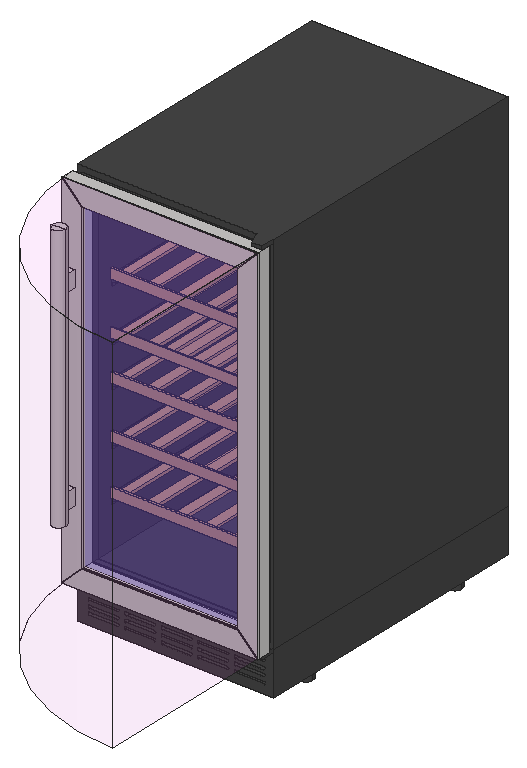
Revit family "QF_Summit_ALWC15_Built_In_Commercial_Wine_Cellar", category Specialty Equipment, Revit 2020
Family settings
  Round Connector Dimension = Use Diameter
  Part Type = Normal
  Work Plane-Based = No
  Always vertical = Yes
  Cut with Voids When Loaded = No
  Shared = No
  Room Calculation Point = No
Parameters
  Weight in Pounds = 65
  Watts = Volts * FL Amps  # 115 W
  Volts = 115 V
  URL Cutsheet = ""
  Specification by User = ""
  Specification by Manufacturer = ""
  Show Clearance [instance] = yes
  Serial Number = ""
  Seismic Rating = ""
  SMACNA No = ""
  Revision Code = ""
  Refrigerant Volume = 0.00 kip
  Refrigerant Type = "R600a"
  Phase = 1
  Number of Poles = 1
  NAFEM Spec ID Number = ""
  Model = "ALWC15"
  Min Ckt Ampacity = 0 A
  Max Overcurrent Protection = 0 A
  Masterspec = ""
  Manufacturer = "Summit"
  Length = 14 3/4"
  Item Number = ""
  Installed By = ""
  Identify Quantity as Lot = yes
  Height = 31 1/2"
  HP = ""
  Furnished By = ""
  Foodservice Equipment Identifier = yes
  FL Amps = 1 A
  Electrical Remarks = ""
  Electric Connection Type = ""
  Elec Conn RI Height = 0"
  Elec Conn Connection Height = 0"
  Description = "Built In Commercial Wine Cellar"
  Depth = 23 1/2"
  Default Elevation = 0"
  Cycle = 60 Hz
  Conn Plug = ""
  Conn Conduit = yes
  CSI MasterFormat = ""
  BTUH = 0.0 Btu/h
  Apparent Power = if(Phase = 3, Volts * FL Amps * 1.73, Volts * FL Amps)  # 115 VA
Reference planes (in)
  plane 1 "BACK": y = 0
  plane 2: z = 0
  plane 3 "LEFT": x = 0
  plane 4 "RIGHT": x = 14.75
  plane 5 "FRONT": y = -23.5
  plane 6 "TOP": z = 31.5
  plane 7 "Center Y": x = 7.375
  plane 8 "Center X": y = -11.75
  plane 9: y = -25.25
Dimensions and locks (in)
  equal spacing: plane 3 "LEFT", plane 7 "Center Y", plane 4 "RIGHT"
  "Length": plane 3 "LEFT" to plane 4 "RIGHT"
  equal spacing: plane 5 "FRONT", plane 8 "Center X", plane 1 "BACK"
  "Depth": plane 5 "FRONT" to plane 1 "BACK"
  "Height": plane 6 "TOP" to level
  aligned and locked: level to plane 2
Nested families (in)
  nested 1: "ALBV15" at (0, 0, 0), Show Clearance <- "Show Clearance", type "ALBV15"
    with Show Clearance yes
Connectors (in)
  electrical at (11.75, 0.03125, 1.70546), driven by "Volts"
    settings: on nested 1, index 1, voltage 115 V, apparent load 0 VA, apparent load phase1 0 VA, apparent load phase2 0 VA, apparent load phase3 0 VA, power factor 1, load classification "Other", number of poles 1, system type 30, power factor state 1, is connector primary yes, connector utility no, sub classification motor no, connector description ""
Definition of nested family "ALBV15"
  Parameters (values of type "ALBV15")
    Weight in Pounds = 0
    URL Cutsheet = ""
    Specification by User = ""
    Specification by Manufacturer = ""
    Show Clearance [instance] = yes
    Serial Number = ""
    Seismic Rating = ""
    SMACNA No = ""
    Revision Code = ""
    NAFEM Spec ID Number = ""
    Masterspec = ""
    Length = 14 3/4"
    Item Number = ""
    Installed By = ""
    Identify Quantity as Lot = yes
    Height = 31 1/2"
    Furnished By = ""
    Foodservice Equipment Identifier = yes
    Depth = 23 1/2"
    Default Elevation = 0"
    CSI MasterFormat = ""
  Reference planes (in)
    plane 1 "BACK": y = 0
    plane 2: z = 0
    plane 3 "LEFT": x = 0
    plane 4 "RIGHT": x = 14.75
    plane 5 "FRONT": y = -23.5
    plane 6 "TOP": z = 31.5
    plane 7 "Center Y": x = 7.375
    plane 8 "Center X": y = -11.75
    plane 9: y = -37.13
    plane 10: z = 0.625
  Forms (in)
    Extrusion 1, solid
      sketch origin (0, -180, 0.625) x (-1, 0, 0) y (0, -1, 0)
        loop
          line (0, -180) -> (0, -158) -> (-14.75, -158) -> (-14.75, -180) -> (0, -180)
      from 0 to 3.25
    Extrusion 2, solid
      sketch origin (0, -180, 3.875) x (-1, 0, 0) y (0, -1, 0)
        loop
          line (0, -180) -> (0, -158) -> (-14.75, -158) -> (-14.75, -180) -> (0, -180)
      from 0 to 27.625
    Extrusion 3, solid
      sketch origin (-2.3403, -180, 4.20581) x (-1, 0, 0) y (0, -1, 0)
        loop
          line (-2.66576, -158) -> (-2.66576, -157.5) -> (-16.76608, -157.5) -> (-16.76608, -158) -> (-2.66576, -158)
      from 0 to 26.83838
    Extrusion 4, solid
      sketch origin (0, -180, 3.875) x (0, -1, 0) y (-1, 0, 0)
        loop
          line (-157.5, 0) -> (-157.5, -14.75) -> (-156.57682, -14.75) -> (-156.57682, 0) -> (-157.5, 0)
      from 0 to -27.375
    Extrusion 5, solid
      sketch origin (14.75, -23.42318, 3.875) x (-1, 0, 0) y (0, 0, -1)
        loop
          line (14.75, -27.375) -> (14.75, 0) -> (13.25, -1.5) -> (13.25, -25.875) -> (14.75, -27.375)
      from 0 to 0.07682
    Extrusion 6, solid
      sketch origin (14.75, -23.42318, 3.875) x (-1, 0, 0) y (0, 0, -1)
        loop
          line (13.25, -25.875) -> (1.5, -25.875) -> (0, -27.375) -> (14.75, -27.375) -> (13.25, -25.875)
      from 0 to 0.07682
    Extrusion 7, solid
      sketch origin (14.75, -23.42318, 3.875) x (-1, 0, 0) y (0, 0, -1)
        loop
          line (1.5, -25.875) -> (1.5, -1.5) -> (0, 0) -> (0, -27.375) -> (1.5, -25.875)
      from 0 to 0.07682
    Extrusion 8, solid
      sketch origin (14.75, -23.42318, 3.875) x (-1, 0, 0) y (0, 0, -1)
        loop
          line (13.25, -1.5) -> (14.75, 0) -> (0, 0) -> (1.5, -1.5) -> (13.25, -1.5)
      from 0 to 0.07682
    Extrusion 9, void
      sketch origin (0, -22.5, 3.875) x (-1, 0, 0) y (0, 0, -1)
        loop
          line (-1.5, -25.875) -> (-1.5, -1.5) -> (-13.25, -1.5) -> (-13.25, -25.875) -> (-1.5, -25.875)
      from 0 to 1
    Extrusion 10, void
      sketch origin (1.5, -23.42318, 5.375) x (0, 1, 0) y (1, 0, 0)
        loop
          line (0.92318, 0) -> (18.67318, 0)
          arc (18.67318, 0) -> (19.02674, 0.14645) -> (19.17318, 0.5) r 0.5
          line (19.17318, 0.5) -> (19.17318, 11.25)
          arc (19.17318, 11.25) -> (19.02674, 11.60355) -> (18.67318, 11.75) r 0.5
          line (18.67318, 11.75) -> (0.92318, 11.75) -> (0.92318, 0)
      from 0 to -24.75
    Extrusion 11, solid
      sketch origin (0, -21.76171, 33.85708) x (0, 0, 1) y (1, 0, 0)
        loop
          line (-3.73208, 1.5) -> (-3.73208, 13.25) -> (-5.04286, 13.25) -> (-5.04286, 1.5) -> (-3.73208, 1.5)
      from 0 to 0.5
    Extrusion 12, solid
      sketch origin (0, -20.80809, 37.71396) x (0, 0, 1) y (1, 0, 0)
        loop
          line (-13.64975, 1.5) -> (-13.64975, 1.625) -> (-13.89975, 1.625) -> (-13.89975, 1.875) -> (-14.14975, 1.875) -> (-14.14975, 1.625) -> (-14.39975, 1.625) -> (-14.39975, 1.5) -> (-13.64975, 1.5)
        loop
          line (-17.64975, 1.5) -> (-17.64975, 1.625) -> (-17.89975, 1.625) -> (-17.89975, 1.875) -> (-18.14975, 1.875) -> (-18.14975, 1.625) -> (-18.39975, 1.625) -> (-18.39975, 1.5) -> (-17.64975, 1.5)
        loop
          line (-20.64975, 1.5) -> (-20.64975, 1.625) -> (-20.89975, 1.625) -> (-20.89975, 1.875) -> (-21.14975, 1.875) -> (-21.14975, 1.625) -> (-21.39975, 1.625) -> (-21.39975, 1.5) -> (-20.64975, 1.5)
        loop
          line (-24.64975, 1.5) -> (-24.64975, 1.625) -> (-24.89975, 1.625) -> (-24.89975, 1.875) -> (-25.14975, 1.875) -> (-25.14975, 1.625) -> (-25.39975, 1.625) -> (-25.39975, 1.5) -> (-24.64975, 1.5)
        loop
          line (-28.39975, 1.5) -> (-28.39975, 1.625) -> (-28.64975, 1.625) -> (-28.64975, 1.875) -> (-28.89975, 1.875) -> (-28.89975, 1.625) -> (-29.14975, 1.625) -> (-29.14975, 1.5) -> (-28.39975, 1.5)
        loop
          line (-13.64975, 13.25) -> (-14.39975, 13.25) -> (-14.39975, 13.125) -> (-14.14975, 13.125) -> (-14.14975, 12.875) -> (-13.89975, 12.875) -> (-13.89975, 13.125) -> (-13.64975, 13.125) -> (-13.64975, 13.25)
        loop
          line (-17.64975, 13.25) -> (-18.39975, 13.25) -> (-18.39975, 13.125) -> (-18.14975, 13.125) -> (-18.14975, 12.875) -> (-17.89975, 12.875) -> (-17.89975, 13.125) -> (-17.64975, 13.125) -> (-17.64975, 13.25)
        loop
          line (-20.64975, 13.25) -> (-21.39975, 13.25) -> (-21.39975, 13.125) -> (-21.14975, 13.125) -> (-21.14975, 12.875) -> (-20.89975, 12.875) -> (-20.89975, 13.125) -> (-20.64975, 13.125) -> (-20.64975, 13.25)
        loop
          line (-24.64975, 13.25) -> (-25.39975, 13.25) -> (-25.39975, 13.125) -> (-25.14975, 13.125) -> (-25.14975, 12.875) -> (-24.89975, 12.875) -> (-24.89975, 13.125) -> (-24.64975, 13.125) -> (-24.64975, 13.25)
        loop
          line (-28.39975, 13.25) -> (-29.14975, 13.25) -> (-29.14975, 13.125) -> (-28.89975, 13.125) -> (-28.89975, 12.875) -> (-28.64975, 12.875) -> (-28.64975, 13.125) -> (-28.39975, 13.125) -> (-28.39975, 13.25)
      from 0 to 15.33182
    Extrusion 13, solid
      sketch origin (13.25, -22.5, 5.375) x (-1, 0, 0) y (0, -1, 0)
        loop
          line (11.75, 0.21159) -> (11.75, 0.71159) -> (0, 0.71159) -> (0, 0.21159) -> (11.75, 0.21159)
      from 0 to 24.375
    Extrusion 14, solid
      sketch origin (0, 0, 0.625) x (1, 0, 0) y (0, 0, -1)
        loop
          circle (11.75, -1.08046) r 0.25
      from 0 to 0.03125
    Extrusion 15, solid
      sketch origin (14.75, -23.5, 3.875) x (-1, 0, 0) y (0, 0, -1)
        loop
          line (14.20473, -21.47786) -> (14.20473, -20.22786) -> (13.79527, -20.22786) -> (13.79527, -21.47786) -> (14.20473, -21.47786)
        loop
          line (14.20473, -5.52214) -> (13.79527, -5.52214) -> (13.79527, -6.77214) -> (14.20473, -6.77214) -> (14.20473, -5.52214)
      from 0 to 1.25427
    Revolve 16, solid
      sketch origin (0.54527, -24.75, 48) x (-1, 0, 0) y (0, 0, 1)
        loop
          line (-0.20473, -39.31621) -> (-0.20473, -19.31621) -> (-0.70473, -19.31621) -> (-0.70473, -39.31621) -> (-0.20473, -39.31621)
        axis (-0.20473, -19.31621) -> (-0.20473, -39.31621)
      angle from 0 to 360
    Extrusion 17, solid
      sketch origin (-38.39759, -180, 31.5) x (-1, 0, 0) y (0, -1, 0)
        loop
          line (-53.02602, -158.2341) -> (-51.71949, -158.2341) -> (-52.27602, -156.9841) -> (-53.02602, -156.9841) -> (-53.02602, -158.2341)
      from 0 to -0.25
    Extrusion 18, solid
      sketch origin (-10.61919, -180, 3.875) x (0, 1, 0) y (1, 0, 0)
        loop
          line (158.2341, 25.24762) -> (156.9841, 25.24762) -> (156.9841, 24.49762) -> (158.2341, 23.94108) -> (158.2341, 25.24762)
      from 0 to 0.25
    Revolve 19, solid
      sketch origin (0, -18, 0) x (1, 0, 0) y (0, 0, 1)
        loop
          line (0.75, 0.625) -> (0.75, 0) -> (1.25, 0) -> (1.25, 0.5) -> (1, 0.5) -> (1, 0.625) -> (0.75, 0.625)
        axis (0.75, 0.625) -> (0.75, 0)
      angle from 0 to 360
    Revolve 20, solid
      sketch origin (14.75, -18, 0) x (-1, 0, 0) y (0, 0, 1)
        loop
          line (0.75, 0.625) -> (0.75, 0) -> (1.25, 0) -> (1.25, 0.5) -> (1, 0.5) -> (1, 0.625) -> (0.75, 0.625)
        axis (0.75, 0.625) -> (0.75, 0)
      angle from 0 to 360
    Revolve 21, solid
      sketch origin (0, -4, 0) x (1, 0, 0) y (0, 0, 1)
        loop
          line (0.75, 0.625) -> (0.75, 0) -> (1.25, 0) -> (1.25, 0.5) -> (1, 0.5) -> (1, 0.625) -> (0.75, 0.625)
        axis (0.75, 0.625) -> (0.75, 0)
      angle from 0 to 360
    Revolve 22, solid
      sketch origin (14.75, -4, 0) x (-1, 0, 0) y (0, 0, 1)
        loop
          line (0.75, 0.625) -> (0.75, 0) -> (1.25, 0) -> (1.25, 0.5) -> (1, 0.5) -> (1, 0.625) -> (0.75, 0.625)
        axis (0.75, 0.625) -> (0.75, 0)
      angle from 0 to 360
    Extrusion 23, solid, visible <- "Show Clearance"
      sketch origin (0, -180, 3.875) x (1, 0, 0) y (0, -1, 0)
        loop
          line (14.75, -157.5) -> (14.75, -142.87)
          arc (14.75, -142.87) -> (4.36237, -147.14766) -> (0, -157.5) r 14.75
          line (0, -157.5) -> (14.75, -157.5)
      from 0 to -27.375
    Extrusion 24, void
      sketch origin (14.75, -22, 0.625) x (1, 0, 0) y (0, 0, -1)
        loop
          line (-13.84453, -2.92099) -> (-11.73224, -2.92099)
          arc (-11.73224, -2.92099) -> (-11.60724, -2.79599) -> (-11.73224, -2.67099) r 0.125
          line (-11.73224, -2.67099) -> (-13.84453, -2.67099)
          arc (-13.84453, -2.67099) -> (-13.96953, -2.79599) -> (-13.84453, -2.92099) r 0.125
        loop
          line (-13.84453, -2.42099) -> (-11.73224, -2.42099)
          arc (-11.73224, -2.42099) -> (-11.60724, -2.29599) -> (-11.73224, -2.17099) r 0.125
          line (-11.73224, -2.17099) -> (-13.84453, -2.17099)
          arc (-13.84453, -2.17099) -> (-13.96953, -2.29599) -> (-13.84453, -2.42099) r 0.125
        loop
          line (-13.84453, -1.92099) -> (-11.73224, -1.92099)
          arc (-11.73224, -1.92099) -> (-11.60724, -1.79599) -> (-11.73224, -1.67099) r 0.125
          line (-11.73224, -1.67099) -> (-13.84453, -1.67099)
          arc (-13.84453, -1.67099) -> (-13.96953, -1.79599) -> (-13.84453, -1.92099) r 0.125
        loop
          line (-13.84453, -1.42099) -> (-11.73224, -1.42099)
          arc (-11.73224, -1.42099) -> (-11.60724, -1.29599) -> (-11.73224, -1.17099) r 0.125
          line (-11.73224, -1.17099) -> (-13.84453, -1.17099)
          arc (-13.84453, -1.17099) -> (-13.96953, -1.29599) -> (-13.84453, -1.42099) r 0.125
        loop
          line (-13.84453, -0.92099) -> (-11.73224, -0.92099)
          arc (-11.73224, -0.92099) -> (-11.60724, -0.79599) -> (-11.73224, -0.67099) r 0.125
          line (-11.73224, -0.67099) -> (-13.84453, -0.67099)
          arc (-13.84453, -0.67099) -> (-13.96953, -0.79599) -> (-13.84453, -0.92099) r 0.125
        loop
          line (-11.09453, -2.92099) -> (-8.98224, -2.92099)
          arc (-8.98224, -2.92099) -> (-8.85724, -2.79599) -> (-8.98224, -2.67099) r 0.125
          line (-8.98224, -2.67099) -> (-11.09453, -2.67099)
          arc (-11.09453, -2.67099) -> (-11.21953, -2.79599) -> (-11.09453, -2.92099) r 0.125
        loop
          line (-11.09453, -2.42099) -> (-8.98224, -2.42099)
          arc (-8.98224, -2.42099) -> (-8.85724, -2.29599) -> (-8.98224, -2.17099) r 0.125
          line (-8.98224, -2.17099) -> (-11.09453, -2.17099)
          arc (-11.09453, -2.17099) -> (-11.21953, -2.29599) -> (-11.09453, -2.42099) r 0.125
        loop
          line (-11.09453, -1.92099) -> (-8.98224, -1.92099)
          arc (-8.98224, -1.92099) -> (-8.85724, -1.79599) -> (-8.98224, -1.67099) r 0.125
          line (-8.98224, -1.67099) -> (-11.09453, -1.67099)
          arc (-11.09453, -1.67099) -> (-11.21953, -1.79599) -> (-11.09453, -1.92099) r 0.125
        loop
          line (-11.09453, -1.42099) -> (-8.98224, -1.42099)
          arc (-8.98224, -1.42099) -> (-8.85724, -1.29599) -> (-8.98224, -1.17099) r 0.125
          line (-8.98224, -1.17099) -> (-11.09453, -1.17099)
          arc (-11.09453, -1.17099) -> (-11.21953, -1.29599) -> (-11.09453, -1.42099) r 0.125
        loop
          line (-11.09453, -0.92099) -> (-8.98224, -0.92099)
          arc (-8.98224, -0.92099) -> (-8.85724, -0.79599) -> (-8.98224, -0.67099) r 0.125
          line (-8.98224, -0.67099) -> (-11.09453, -0.67099)
          arc (-11.09453, -0.67099) -> (-11.21953, -0.79599) -> (-11.09453, -0.92099) r 0.125
        loop
          line (-8.34453, -2.92099) -> (-6.23224, -2.92099)
          arc (-6.23224, -2.92099) -> (-6.10724, -2.79599) -> (-6.23224, -2.67099) r 0.125
          line (-6.23224, -2.67099) -> (-8.34453, -2.67099)
          arc (-8.34453, -2.67099) -> (-8.46953, -2.79599) -> (-8.34453, -2.92099) r 0.125
        loop
          line (-8.34453, -2.42099) -> (-6.23224, -2.42099)
          arc (-6.23224, -2.42099) -> (-6.10724, -2.29599) -> (-6.23224, -2.17099) r 0.125
          line (-6.23224, -2.17099) -> (-8.34453, -2.17099)
          arc (-8.34453, -2.17099) -> (-8.46953, -2.29599) -> (-8.34453, -2.42099) r 0.125
        loop
          line (-8.34453, -1.92099) -> (-6.23224, -1.92099)
          arc (-6.23224, -1.92099) -> (-6.10724, -1.79599) -> (-6.23224, -1.67099) r 0.125
          line (-6.23224, -1.67099) -> (-8.34453, -1.67099)
          arc (-8.34453, -1.67099) -> (-8.46953, -1.79599) -> (-8.34453, -1.92099) r 0.125
        loop
          line (-8.34453, -1.42099) -> (-6.23224, -1.42099)
          arc (-6.23224, -1.42099) -> (-6.10724, -1.29599) -> (-6.23224, -1.17099) r 0.125
          line (-6.23224, -1.17099) -> (-8.34453, -1.17099)
          arc (-8.34453, -1.17099) -> (-8.46953, -1.29599) -> (-8.34453, -1.42099) r 0.125
        loop
          line (-8.34453, -0.92099) -> (-6.23224, -0.92099)
          arc (-6.23224, -0.92099) -> (-6.10724, -0.79599) -> (-6.23224, -0.67099) r 0.125
          line (-6.23224, -0.67099) -> (-8.34453, -0.67099)
          arc (-8.34453, -0.67099) -> (-8.46953, -0.79599) -> (-8.34453, -0.92099) r 0.125
        loop
          line (-5.59453, -2.92099) -> (-3.48224, -2.92099)
          arc (-3.48224, -2.92099) -> (-3.35724, -2.79599) -> (-3.48224, -2.67099) r 0.125
          line (-3.48224, -2.67099) -> (-5.59453, -2.67099)
          arc (-5.59453, -2.67099) -> (-5.71953, -2.79599) -> (-5.59453, -2.92099) r 0.125
        loop
          line (-5.59453, -2.42099) -> (-3.48224, -2.42099)
          arc (-3.48224, -2.42099) -> (-3.35724, -2.29599) -> (-3.48224, -2.17099) r 0.125
          line (-3.48224, -2.17099) -> (-5.59453, -2.17099)
          arc (-5.59453, -2.17099) -> (-5.71953, -2.29599) -> (-5.59453, -2.42099) r 0.125
        loop
          line (-5.59453, -1.92099) -> (-3.48224, -1.92099)
          arc (-3.48224, -1.92099) -> (-3.35724, -1.79599) -> (-3.48224, -1.67099) r 0.125
          line (-3.48224, -1.67099) -> (-5.59453, -1.67099)
          arc (-5.59453, -1.67099) -> (-5.71953, -1.79599) -> (-5.59453, -1.92099) r 0.125
        loop
          line (-5.59453, -1.42099) -> (-3.48224, -1.42099)
          arc (-3.48224, -1.42099) -> (-3.35724, -1.29599) -> (-3.48224, -1.17099) r 0.125
          line (-3.48224, -1.17099) -> (-5.59453, -1.17099)
          arc (-5.59453, -1.17099) -> (-5.71953, -1.29599) -> (-5.59453, -1.42099) r 0.125
        loop
          line (-5.59453, -0.92099) -> (-3.48224, -0.92099)
          arc (-3.48224, -0.92099) -> (-3.35724, -0.79599) -> (-3.48224, -0.67099) r 0.125
          line (-3.48224, -0.67099) -> (-5.59453, -0.67099)
          arc (-5.59453, -0.67099) -> (-5.71953, -0.79599) -> (-5.59453, -0.92099) r 0.125
        loop
          line (-2.84453, -2.92099) -> (-0.73224, -2.92099)
          arc (-0.73224, -2.92099) -> (-0.60724, -2.79599) -> (-0.73224, -2.67099) r 0.125
          line (-0.73224, -2.67099) -> (-2.84453, -2.67099)
          arc (-2.84453, -2.67099) -> (-2.96953, -2.79599) -> (-2.84453, -2.92099) r 0.125
        loop
          line (-2.84453, -2.42099) -> (-0.73224, -2.42099)
          arc (-0.73224, -2.42099) -> (-0.60724, -2.29599) -> (-0.73224, -2.17099) r 0.125
          line (-0.73224, -2.17099) -> (-2.84453, -2.17099)
          arc (-2.84453, -2.17099) -> (-2.96953, -2.29599) -> (-2.84453, -2.42099) r 0.125
        loop
          line (-2.84453, -1.92099) -> (-0.73224, -1.92099)
          arc (-0.73224, -1.92099) -> (-0.60724, -1.79599) -> (-0.73224, -1.67099) r 0.125
          line (-0.73224, -1.67099) -> (-2.84453, -1.67099)
          arc (-2.84453, -1.67099) -> (-2.96953, -1.79599) -> (-2.84453, -1.92099) r 0.125
        loop
          line (-2.84453, -1.42099) -> (-0.73224, -1.42099)
          arc (-0.73224, -1.42099) -> (-0.60724, -1.29599) -> (-0.73224, -1.17099) r 0.125
          line (-0.73224, -1.17099) -> (-2.84453, -1.17099)
          arc (-2.84453, -1.17099) -> (-2.96953, -1.29599) -> (-2.84453, -1.42099) r 0.125
        loop
          line (-2.84453, -0.92099) -> (-0.73224, -0.92099)
          arc (-0.73224, -0.92099) -> (-0.60724, -0.79599) -> (-0.73224, -0.67099) r 0.125
          line (-0.73224, -0.67099) -> (-2.84453, -0.67099)
          arc (-2.84453, -0.67099) -> (-2.96953, -0.79599) -> (-2.84453, -0.92099) r 0.125
      from 0 to 0.59169
    Extrusion 25, solid
      sketch origin (0, -21.76171, 33.85708) x (0, 0, -1) y (1, 0, 0)
        loop
          line (4.29689, 7) -> (4.79689, 7) -> (4.79689, 7.75) -> (4.29689, 7.75) -> (4.29689, 7)
      from 0 to 0.03125
    Extrusion 26, solid
      sketch origin (0, -20.80809, 37.71396) x (0, 0, -1) y (1, 0, 0)
        loop
          line (13.89975, 1.625) -> (13.89975, 13.125) -> (13.14975, 13.125) -> (13.14975, 1.625) -> (13.89975, 1.625)
        loop
          line (17.89975, 1.625) -> (17.89975, 13.125) -> (17.14975, 13.125) -> (17.14975, 1.625) -> (17.89975, 1.625)
        loop
          line (20.89975, 1.625) -> (20.89975, 13.125) -> (20.14975, 13.125) -> (20.14975, 1.625) -> (20.89975, 1.625)
        loop
          line (24.89975, 1.625) -> (24.89975, 13.125) -> (24.14975, 13.125) -> (24.14975, 1.625) -> (24.89975, 1.625)
        loop
          line (28.64975, 1.625) -> (28.64975, 13.125) -> (27.89975, 13.125) -> (27.89975, 1.625) -> (28.64975, 1.625)
      from 0 to 0.125
    Extrusion 27, solid
      sketch origin (-11, -20.80809, 37.71396) x (0, 0, 1) y (1, 0, 0)
        loop
          line (-13.89975, 12.625) -> (-13.70206, 12.625) -> (-13.70206, 13.375) -> (-13.89975, 13.375) -> (-13.89975, 12.625)
      from 0 to 15.33182
    Extrusion 28, solid
      sketch origin (-0.25, -20.80809, 37.71396) x (0, 0, 1) y (1, 0, 0)
        loop
          line (-13.89975, 12.625) -> (-13.70206, 12.625) -> (-13.70206, 13.375) -> (-13.89975, 13.375) -> (-13.89975, 12.625)
      from 0 to 15.33182
    Extrusion 29, solid
      sketch origin (-8.85, -20.80809, 37.71396) x (0, 0, 1) y (1, 0, 0)
        loop
          line (-13.89975, 12.625) -> (-13.70206, 12.625) -> (-13.70206, 13.375) -> (-13.89975, 13.375) -> (-13.89975, 12.625)
      from 0 to 15.33182
    Extrusion 30, solid
      sketch origin (-6.7, -20.80809, 37.71396) x (0, 0, 1) y (1, 0, 0)
        loop
          line (-13.89975, 12.625) -> (-13.70206, 12.625) -> (-13.70206, 13.375) -> (-13.89975, 13.375) -> (-13.89975, 12.625)
      from 0 to 15.33182
    Extrusion 31, solid
      sketch origin (-4.55, -20.80809, 37.71396) x (0, 0, 1) y (1, 0, 0)
        loop
          line (-13.89975, 12.625) -> (-13.70206, 12.625) -> (-13.70206, 13.375) -> (-13.89975, 13.375) -> (-13.89975, 12.625)
      from 0 to 15.33182
    Extrusion 32, solid
      sketch origin (-2.4, -20.80809, 37.71396) x (0, 0, 1) y (1, 0, 0)
        loop
          line (-13.89975, 12.625) -> (-13.70206, 12.625) -> (-13.70206, 13.375) -> (-13.89975, 13.375) -> (-13.89975, 12.625)
      from 0 to 15.33182
    Extrusion 33, solid
      sketch origin (-11, -20.80809, 33.71396) x (0, 0, 1) y (1, 0, 0)
        loop
          line (-13.89975, 12.625) -> (-13.70206, 12.625) -> (-13.70206, 13.375) -> (-13.89975, 13.375) -> (-13.89975, 12.625)
      from 0 to 15.33182
    Extrusion 34, solid
      sketch origin (-11, -20.80809, 30.71396) x (0, 0, 1) y (1, 0, 0)
        loop
          line (-13.89975, 12.625) -> (-13.70206, 12.625) -> (-13.70206, 13.375) -> (-13.89975, 13.375) -> (-13.89975, 12.625)
      from 0 to 15.33182
    Extrusion 35, solid
      sketch origin (-11, -20.80809, 26.71396) x (0, 0, 1) y (1, 0, 0)
        loop
          line (-13.89975, 12.625) -> (-13.70206, 12.625) -> (-13.70206, 13.375) -> (-13.89975, 13.375) -> (-13.89975, 12.625)
      from 0 to 15.33182
    Extrusion 36, solid
      sketch origin (-11, -20.80809, 22.96396) x (0, 0, 1) y (1, 0, 0)
        loop
          line (-13.89975, 12.625) -> (-13.70206, 12.625) -> (-13.70206, 13.375) -> (-13.89975, 13.375) -> (-13.89975, 12.625)
      from 0 to 15.33182
    Extrusion 37, solid
      sketch origin (-0.25, -20.80809, 33.71396) x (0, 0, 1) y (1, 0, 0)
        loop
          line (-13.89975, 12.625) -> (-13.70206, 12.625) -> (-13.70206, 13.375) -> (-13.89975, 13.375) -> (-13.89975, 12.625)
      from 0 to 15.33182
    Extrusion 38, solid
      sketch origin (-0.25, -20.80809, 30.71396) x (0, 0, 1) y (1, 0, 0)
        loop
          line (-13.89975, 12.625) -> (-13.70206, 12.625) -> (-13.70206, 13.375) -> (-13.89975, 13.375) -> (-13.89975, 12.625)
      from 0 to 15.33182
    Extrusion 39, solid
      sketch origin (-0.25, -20.80809, 26.71396) x (0, 0, 1) y (1, 0, 0)
        loop
          line (-13.89975, 12.625) -> (-13.70206, 12.625) -> (-13.70206, 13.375) -> (-13.89975, 13.375) -> (-13.89975, 12.625)
      from 0 to 15.33182
    Extrusion 40, solid
      sketch origin (-0.25, -20.80809, 22.96396) x (0, 0, 1) y (1, 0, 0)
        loop
          line (-13.89975, 12.625) -> (-13.70206, 12.625) -> (-13.70206, 13.375) -> (-13.89975, 13.375) -> (-13.89975, 12.625)
      from 0 to 15.33182
    Extrusion 41, solid
      sketch origin (-8.85, -20.80809, 33.71396) x (0, 0, 1) y (1, 0, 0)
        loop
          line (-13.89975, 12.625) -> (-13.70206, 12.625) -> (-13.70206, 13.375) -> (-13.89975, 13.375) -> (-13.89975, 12.625)
      from 0 to 15.33182
    Extrusion 42, solid
      sketch origin (-8.85, -20.80809, 30.71396) x (0, 0, 1) y (1, 0, 0)
        loop
          line (-13.89975, 12.625) -> (-13.70206, 12.625) -> (-13.70206, 13.375) -> (-13.89975, 13.375) -> (-13.89975, 12.625)
      from 0 to 15.33182
    Extrusion 43, solid
      sketch origin (-8.85, -20.80809, 26.71396) x (0, 0, 1) y (1, 0, 0)
        loop
          line (-13.89975, 12.625) -> (-13.70206, 12.625) -> (-13.70206, 13.375) -> (-13.89975, 13.375) -> (-13.89975, 12.625)
      from 0 to 15.33182
    Extrusion 44, solid
      sketch origin (-8.85, -20.80809, 22.96396) x (0, 0, 1) y (1, 0, 0)
        loop
          line (-13.89975, 12.625) -> (-13.70206, 12.625) -> (-13.70206, 13.375) -> (-13.89975, 13.375) -> (-13.89975, 12.625)
      from 0 to 15.33182
    Extrusion 45, solid
      sketch origin (-6.7, -20.80809, 33.71396) x (0, 0, 1) y (1, 0, 0)
        loop
          line (-13.89975, 12.625) -> (-13.70206, 12.625) -> (-13.70206, 13.375) -> (-13.89975, 13.375) -> (-13.89975, 12.625)
      from 0 to 15.33182
    Extrusion 46, solid
      sketch origin (-6.7, -20.80809, 30.71396) x (0, 0, 1) y (1, 0, 0)
        loop
          line (-13.89975, 12.625) -> (-13.70206, 12.625) -> (-13.70206, 13.375) -> (-13.89975, 13.375) -> (-13.89975, 12.625)
      from 0 to 15.33182
    Extrusion 47, solid
      sketch origin (-6.7, -20.80809, 26.71396) x (0, 0, 1) y (1, 0, 0)
        loop
          line (-13.89975, 12.625) -> (-13.70206, 12.625) -> (-13.70206, 13.375) -> (-13.89975, 13.375) -> (-13.89975, 12.625)
      from 0 to 15.33182
    Extrusion 48, solid
      sketch origin (-6.7, -20.80809, 22.96396) x (0, 0, 1) y (1, 0, 0)
        loop
          line (-13.89975, 12.625) -> (-13.70206, 12.625) -> (-13.70206, 13.375) -> (-13.89975, 13.375) -> (-13.89975, 12.625)
      from 0 to 15.33182
    Extrusion 49, solid
      sketch origin (-4.55, -20.80809, 33.71396) x (0, 0, 1) y (1, 0, 0)
        loop
          line (-13.89975, 12.625) -> (-13.70206, 12.625) -> (-13.70206, 13.375) -> (-13.89975, 13.375) -> (-13.89975, 12.625)
      from 0 to 15.33182
    Extrusion 50, solid
      sketch origin (-4.55, -20.80809, 30.71396) x (0, 0, 1) y (1, 0, 0)
        loop
          line (-13.89975, 12.625) -> (-13.70206, 12.625) -> (-13.70206, 13.375) -> (-13.89975, 13.375) -> (-13.89975, 12.625)
      from 0 to 15.33182
    Extrusion 51, solid
      sketch origin (-4.55, -20.80809, 26.71396) x (0, 0, 1) y (1, 0, 0)
        loop
          line (-13.89975, 12.625) -> (-13.70206, 12.625) -> (-13.70206, 13.375) -> (-13.89975, 13.375) -> (-13.89975, 12.625)
      from 0 to 15.33182
    Extrusion 52, solid
      sketch origin (-4.55, -20.80809, 22.96396) x (0, 0, 1) y (1, 0, 0)
        loop
          line (-13.89975, 12.625) -> (-13.70206, 12.625) -> (-13.70206, 13.375) -> (-13.89975, 13.375) -> (-13.89975, 12.625)
      from 0 to 15.33182
    Extrusion 53, solid
      sketch origin (-2.4, -20.80809, 33.71396) x (0, 0, 1) y (1, 0, 0)
        loop
          line (-13.89975, 12.625) -> (-13.70206, 12.625) -> (-13.70206, 13.375) -> (-13.89975, 13.375) -> (-13.89975, 12.625)
      from 0 to 15.33182
    Extrusion 54, solid
      sketch origin (-2.4, -20.80809, 30.71396) x (0, 0, 1) y (1, 0, 0)
        loop
          line (-13.89975, 12.625) -> (-13.70206, 12.625) -> (-13.70206, 13.375) -> (-13.89975, 13.375) -> (-13.89975, 12.625)
      from 0 to 15.33182
    Extrusion 55, solid
      sketch origin (-2.4, -20.80809, 26.71396) x (0, 0, 1) y (1, 0, 0)
        loop
          line (-13.89975, 12.625) -> (-13.70206, 12.625) -> (-13.70206, 13.375) -> (-13.89975, 13.375) -> (-13.89975, 12.625)
      from 0 to 15.33182
    Extrusion 56, solid
      sketch origin (-2.4, -20.80809, 22.96396) x (0, 0, 1) y (1, 0, 0)
        loop
          line (-13.89975, 12.625) -> (-13.70206, 12.625) -> (-13.70206, 13.375) -> (-13.89975, 13.375) -> (-13.89975, 12.625)
      from 0 to 15.33182
  Cuts and joins
    Extrusion 9, Extrusion 10 cuts Extrusion 2
    joined: Extrusion 2, Extrusion 17
    Extrusion 9, Extrusion 10 cuts Extrusion 4
    Extrusion 10, Extrusion 24 cuts Extrusion 1
    Extrusion 24 cuts Extrusion 18
    joined: Extrusion 1, Extrusion 18
    Extrusion 10 cuts Extrusion 3
    joined: Extrusion 15, Revolve 16
    Extrusion 24 cuts Extrusion 14
  Lines and regions (in)
    symbolic lines
      curve 1: arc (0.25, -24.75, 0) -> (0.75, -24.25, 0) -> (1.25, -24.75, 0) r 0.5
      curve 2: arc (1.25, -24.75, 0) -> (0.75, -25.25, 0) -> (0.25, -24.75, 0) r 0.5
      curve 3: line (0.95473, -24.29383, 0) -> (0.95473, -23.5, 0)
      curve 4: line (0.54527, -23.5, 0) -> (0.54527, -24.29383, 0)
      curve 5: line (0, -23.5, 0) -> (14.75, -23.5, 0)
      curve 6: line (0, -23.42318, 0) -> (14.75, -23.42318, 0)
      curve 7: line (0, -23.42318, 0) -> (0, -23.5, 0)
      curve 8: line (0, -22.5, 0) -> (0, -23.42318, 0)
      curve 9: line (14.75, -23.5, 0) -> (14.75, -23.42318, 0)
      curve 10: line (14.75, -23.42318, 0) -> (14.75, -22.5, 0)
      curve 11: line (14.75, -22.5, 0) -> (14.62843, -22.5, 0)
      curve 12: line (0.32547, -22, 0) -> (0.32547, -22.5, 0)
      curve 13: line (0, -22, 0) -> (13.42612, -22, 0)
      curve 14: line (0, 0, 0) -> (0, -22, 0)
      curve 15: line (14.75, -22, 0) -> (14.75, 0, 0)
      curve 16: line (14.75, 0, 0) -> (0, 0, 0)
      curve 17: line (13.64873, -22.5, 0) -> (0, -22.5, 0)
      curve 18: line (14.62843, -22, 0) -> (14.75, -22, 0)
      curve 19: line (14.62843, -21.7659, 0) -> (13.32189, -21.7659, 0)
      curve 20: line (13.32189, -21.7659, 0) -> (13.87843, -23.0159, 0)
      curve 21: line (14.62843, -23.0159, 0) -> (14.62843, -21.7659, 0)
      curve 22: line (13.87843, -23.0159, 0) -> (14.62843, -23.0159, 0)
    symbolic lines, visible <- "Show Clearance"
      curve 23: arc (2.02804, -29.84503, 0) -> (0.53153, -26.30574, 0) -> (0, -22.5, 0) r 14.75
      curve 24: line (14.75, -22.5, 0) -> (2.02804, -29.84503, 0)
  Dimensions and locks (in)
    equal spacing: plane 3 "LEFT", plane 7 "Center Y", plane 4 "RIGHT"
    "Length": plane 3 "LEFT" to plane 4 "RIGHT"
    equal spacing: plane 5 "FRONT", plane 8 "Center X", plane 1 "BACK"
    "Depth": plane 5 "FRONT" to plane 1 "BACK"
    "Height": plane 6 "TOP" to level
    plane 1 "BACK" to plane 9 = 37.13"
    equal spacing: group 1, group 3, group 4, group 5, group 6, group 2  (x3)
    aligned and locked: level to plane 2
  Automatic sketch dimensions
    Extrusion 2 sketch curve to Extrusion 1 = 0"  (x4)
    plane 4 "RIGHT" to Extrusion 3 sketch curve = 83/256"
    plane 3 "LEFT" to Extrusion 3 sketch curve = 0.32547"
    Extrusion 3 sketch curve to Extrusion 3 sketch curve = 1/2"
    Extrusion 4 sketch curve to Extrusion 2 = 0"  (x2)
    Extrusion 4 sketch curve to Extrusion 2 = 1/2"
    Extrusion 4 sketch curve to Extrusion 4 sketch curve = 0.92318"
    Extrusion 5 sketch curve to Extrusion 4 = 0"  (x3)
    Extrusion 4 to Extrusion 5 sketch curve = 1 1/2"  (x3)
    Extrusion 6 sketch curve to Extrusion 4 = 0"  (x3)
    Extrusion 6 sketch curve to Extrusion 4 = 1 1/2"
    Extrusion 4 to Extrusion 6 sketch curve = 1 1/2"  (x2)
    Extrusion 7 sketch curve to Extrusion 4 = 0"  (x3)
    Extrusion 7 sketch curve to Extrusion 4 = 1 1/2"
    Extrusion 4 to Extrusion 7 sketch curve = 1 1/2"  (x2)
    Extrusion 8 sketch curve to Extrusion 4 = 0"  (x3)
    Extrusion 8 sketch curve to Extrusion 4 = 1 1/2"
    Extrusion 4 to Extrusion 8 sketch curve = 1 1/2"  (x2)
    Extrusion 4 to Extrusion 9 sketch curve = 1 1/2"  (x2)
    Extrusion 9 sketch curve to Extrusion 4 = 1 1/2"  (x2)
    Extrusion 10 sketch curve to Extrusion 8 = 0"  (x2)
    Extrusion 10 sketch curve to Extrusion 8 = 0.92318"
    Extrusion 10 sketch curve to Extrusion 10 sketch curve = 17 3/4"
    Extrusion 10 sketch curve to Extrusion 10 sketch curve = 0"
    Extrusion 10 sketch curve to Extrusion 10 sketch curve = 1/2"
    plane 3 "LEFT" to Extrusion 11 sketch curve = 1 1/2"
    plane 4 "RIGHT" to Extrusion 11 sketch curve = 1 1/2"
    Extrusion 12 sketch curve to Extrusion 12 sketch curve = 1/4"  (x41)
    Extrusion 12 sketch curve to Extrusion 12 sketch curve = 3"  (x2)
    plane 4 "RIGHT" to Extrusion 12 sketch curve = 1 1/2"  (x2)
    Extrusion 12 sketch curve to Extrusion 12 sketch curve = 3 1/4"  (x4)
    plane 4 "RIGHT" to Extrusion 12 sketch curve = 1 5/8"
    Extrusion 12 sketch curve to Extrusion 12 sketch curve = 2 1/4"  (x2)
    plane 3 "LEFT" to Extrusion 12 sketch curve = 1 1/2"  (x5)
    Extrusion 12 sketch curve to Extrusion 12 sketch curve = 1/8"  (x14)
    Extrusion 12 sketch curve to Extrusion 12 sketch curve = 0"  (x3)
    plane 4 "RIGHT" to Extrusion 12 sketch curve = 1 7/8"  (x2)
    Extrusion 12 sketch curve to Extrusion 12 sketch curve = 3/8"  (x2)
    Extrusion 13 sketch curve to Extrusion 9 = 0"  (x2)
    Extrusion 9 to Extrusion 13 sketch curve = 0.21159"
    Extrusion 9 to Extrusion 13 sketch curve = 0.28841"
    Extrusion 1 to Extrusion 14 sketch curve = 1.08046"
    Extrusion 14 sketch curve to Extrusion 1 = 3"
    Extrusion 15 sketch curve to Extrusion 5 = 0.54527"  (x2)
    Extrusion 15 sketch curve to Extrusion 15 sketch curve = 0.40946"  (x2)
    Extrusion 15 sketch curve to Extrusion 5 = 3.49482"
    Extrusion 15 sketch curve to Extrusion 15 sketch curve = 1 1/4"  (x2)
    Extrusion 15 sketch curve to Extrusion 15 sketch curve = 13.45571"
    plane 3 "LEFT" to Revolve 16 sketch curve = 1 1/4"
    Revolve 16 sketch curve to Revolve 16 sketch curve = 1/2"
    Revolve 16 sketch curve to Revolve 16 sketch curve = 0"  (x2)
    Revolve 16 sketch curve to Revolve 16 sketch curve = 1 1/4"
    plane 4 "RIGHT" to Extrusion 18 sketch curve = 0.12157"
    Extrusion 18 sketch curve to plane 5 "FRONT" = 0.4841"
    Extrusion 18 sketch curve to Extrusion 18 sketch curve = 3/4"
    Extrusion 18 sketch curve to Extrusion 18 sketch curve = 1.30654"
    Extrusion 11 sketch curve to plane 6 "TOP" = 2.68578"
    Extrusion 11 sketch curve to Extrusion 11 sketch curve = 1.31078"
    level to Extrusion 12 sketch curve = 8.56422"  (x2)
    level to Revolve 16 sketch curve = 8.68379"
    Revolve 16 sketch curve to plane 6 "TOP" = 2.81621"
    Extrusion 3 sketch curve to plane 5 "FRONT" = 1 1/2"
    Extrusion 18 sketch curve to Extrusion 18 sketch curve = 1 1/4"
    Extrusion 23 sketch curve to Extrusion 4 = 0"  (x2)
    Extrusion 4 to Extrusion 23 sketch curve = 0.00049"
    Extrusion 23 sketch curve to Extrusion 4 = 0.12"
    Extrusion 4 to Extrusion 23 sketch curve = 0"
    Extrusion 24 sketch curve to Extrusion 1 = 0.73224"  (x2)
    Extrusion 24 sketch curve to Extrusion 24 sketch curve = 0"  (x35)
    Extrusion 24 sketch curve to Extrusion 24 sketch curve = 2.11229"  (x4)
    Extrusion 24 sketch curve to Extrusion 24 sketch curve = 0.63771"  (x8)
    Extrusion 1 to Extrusion 24 sketch curve = 0.32901"  (x5)
    Extrusion 1 to Extrusion 24 sketch curve = 0.90547"
    Extrusion 24 sketch curve to Extrusion 24 sketch curve = 1/8"  (x25)
    Extrusion 24 sketch curve to Extrusion 24 sketch curve = 1/4"  (x20)
    curve 5 to plane 3 "LEFT" = 0"
    curve 13 to plane 3 "LEFT" = 0"
    plane 5 "FRONT" to curve 4 = 0"
    plane 1 "BACK" to curve 16 = 0"
    curve 16 to plane 4 "RIGHT" = 0"
    curve 24 to plane 4 "RIGHT" = 0"
    plane 9 to curve 23 = 7.28497"
    plane 3 "LEFT" to curve 1 = 3/4"
    plane 4 "RIGHT" to curve 20 = 1.42811"
    plane 4 "RIGHT" to curve 22 = 0.87157"
    plane 4 "RIGHT" to curve 22 = 0.12157"
    plane 4 "RIGHT" to curve 23 = 0.00049"
    plane 5 "FRONT" to curve 2 = 1 1/4"
    curve 8 to plane 5 "FRONT" = 0.07682"
    curve 20 to plane 5 "FRONT" = 0.4841"
    curve 21 to curve 10 = 0.5159"
    curve 6 to curve 8 = 0.92318"
    curve 23 to curve 18 = 0.38"
    curve 23 to curve 13 = 1/2"
    curve 13 to curve 19 = 0.2341"
    plane 3 "LEFT" to curve 1 = 1/4"
    curve 8 to curve 12 = 0.32547"
    curve 5 to curve 4 = 0.54527"
    curve 4 to curve 3 = 0.40946"
    plane 3 "LEFT" to curve 24 = 2.02804"
    plane 1 "BACK" to Extrusion 1 sketch curve = 0"
    Extrusion 1 sketch curve to plane 4 "RIGHT" = 0"
    Extrusion 1 sketch curve to plane 3 "LEFT" = 0"
    Extrusion 1 sketch curve to plane 5 "FRONT" = 1 1/2"
    Revolve 19 sketch curve to plane 10 = 0"
    Revolve 19 sketch curve to level = 0"
    plane 3 "LEFT" to Revolve 19 sketch curve = 3/4"
    Revolve 19 sketch curve to Revolve 19 sketch curve = 1/4"
    Revolve 19 sketch curve to Revolve 19 sketch curve = 1/2"
    Revolve 19 sketch curve to plane 10 = 1/8"
    Revolve 19 sketch curve to Revolve 19 sketch curve = 0"
    Revolve 19 sketch curve to plane 10 = 1/4"
    plane 10 to Revolve 19 sketch curve = 1/8"
    Revolve 21 sketch curve to plane 10 = 0"
    Revolve 21 sketch curve to level = 0"
    plane 3 "LEFT" to Revolve 21 sketch curve = 3/4"
    Revolve 21 sketch curve to Revolve 21 sketch curve = 1/4"
    Revolve 21 sketch curve to Revolve 21 sketch curve = 1/2"
    Revolve 21 sketch curve to plane 10 = 1/8"
    Revolve 21 sketch curve to Revolve 21 sketch curve = 0"
    Revolve 21 sketch curve to plane 10 = 1/4"
    Revolve 21 sketch curve to Revolve 21 sketch curve = 1/8"
    Revolve 20 sketch curve to plane 10 = 0"
    Revolve 20 sketch curve to level = 0"
    Revolve 20 sketch curve to plane 4 "RIGHT" = 3/4"
    Revolve 20 sketch curve to Revolve 20 sketch curve = 1/4"
    Revolve 20 sketch curve to Revolve 20 sketch curve = 1/2"
    plane 10 to Revolve 20 sketch curve = 1/8"
    Revolve 20 sketch curve to Revolve 20 sketch curve = 0"
    plane 10 to Revolve 20 sketch curve = 1/4"
    Revolve 20 sketch curve to Revolve 20 sketch curve = 1/8"
    Revolve 22 sketch curve to plane 10 = 0"
    Revolve 22 sketch curve to level = 0"
    Revolve 22 sketch curve to plane 4 "RIGHT" = 3/4"
    Revolve 22 sketch curve to Revolve 22 sketch curve = 1/4"
    Revolve 22 sketch curve to Revolve 22 sketch curve = 1/2"
    plane 10 to Revolve 22 sketch curve = 1/8"
    Revolve 22 sketch curve to Revolve 22 sketch curve = 0"
    plane 10 to Revolve 22 sketch curve = 1/4"
    Revolve 22 sketch curve to Revolve 22 sketch curve = 1/8"
    plane 4 "RIGHT" to Extrusion 17 sketch curve = 0.12157"
    Extrusion 17 sketch curve to Extrusion 17 sketch curve = 3/4"
    Extrusion 17 sketch curve to Extrusion 17 sketch curve = 1.30654"
    Extrusion 17 sketch curve to plane 5 "FRONT" = 1.7341"
    Extrusion 17 sketch curve to plane 5 "FRONT" = 0.4841"
    Extrusion 11 to Extrusion 25 sketch curve = 0.24597"
    Extrusion 25 sketch curve to Extrusion 25 sketch curve = 1/2"
    Extrusion 11 to Extrusion 25 sketch curve = 5 1/2"
    Extrusion 25 sketch curve to Extrusion 25 sketch curve = 3/4"
    Extrusion 26 sketch curve to Extrusion 12 = 0"  (x13)
    Extrusion 12 to Extrusion 26 sketch curve = 0"  (x2)
    Extrusion 26 sketch curve to Extrusion 12 = 1/2"  (x5)
    Extrusion 27 sketch curve to Extrusion 27 sketch curve = 0.19768"
    Extrusion 27 sketch curve to Extrusion 27 sketch curve = 3/4"
    Extrusion 28 sketch curve to Extrusion 28 sketch curve = 0.19768"
    Extrusion 28 sketch curve to Extrusion 28 sketch curve = 3/4"
    Extrusion 29 sketch curve to Extrusion 29 sketch curve = 0.19768"
    Extrusion 29 sketch curve to Extrusion 29 sketch curve = 3/4"
    Extrusion 30 sketch curve to Extrusion 30 sketch curve = 0.19768"
    Extrusion 30 sketch curve to Extrusion 30 sketch curve = 3/4"
    Extrusion 31 sketch curve to Extrusion 31 sketch curve = 0.19768"
    Extrusion 31 sketch curve to Extrusion 31 sketch curve = 3/4"
    Extrusion 32 sketch curve to Extrusion 32 sketch curve = 0.19768"
    Extrusion 32 sketch curve to Extrusion 32 sketch curve = 3/4"
    Extrusion 33 sketch curve to Extrusion 33 sketch curve = 0.19768"
    Extrusion 33 sketch curve to Extrusion 33 sketch curve = 3/4"
    Extrusion 34 sketch curve to Extrusion 34 sketch curve = 0.19768"
    Extrusion 34 sketch curve to Extrusion 34 sketch curve = 3/4"
    Extrusion 35 sketch curve to Extrusion 35 sketch curve = 0.19768"
    Extrusion 35 sketch curve to Extrusion 35 sketch curve = 3/4"
    Extrusion 36 sketch curve to Extrusion 36 sketch curve = 0.19768"
    Extrusion 36 sketch curve to Extrusion 36 sketch curve = 3/4"
    Extrusion 37 sketch curve to Extrusion 37 sketch curve = 0.19768"
    Extrusion 37 sketch curve to Extrusion 37 sketch curve = 3/4"
    Extrusion 38 sketch curve to Extrusion 38 sketch curve = 0.19768"
    Extrusion 38 sketch curve to Extrusion 38 sketch curve = 3/4"
    Extrusion 39 sketch curve to Extrusion 39 sketch curve = 0.19768"
    Extrusion 39 sketch curve to Extrusion 39 sketch curve = 3/4"
    Extrusion 40 sketch curve to Extrusion 40 sketch curve = 0.19768"
    Extrusion 40 sketch curve to Extrusion 40 sketch curve = 3/4"
    Extrusion 41 sketch curve to Extrusion 41 sketch curve = 0.19768"
    Extrusion 41 sketch curve to Extrusion 41 sketch curve = 3/4"
    Extrusion 42 sketch curve to Extrusion 42 sketch curve = 0.19768"
    Extrusion 42 sketch curve to Extrusion 42 sketch curve = 3/4"
    Extrusion 43 sketch curve to Extrusion 43 sketch curve = 0.19768"
    Extrusion 43 sketch curve to Extrusion 43 sketch curve = 3/4"
    Extrusion 44 sketch curve to Extrusion 44 sketch curve = 0.19768"
    Extrusion 44 sketch curve to Extrusion 44 sketch curve = 3/4"
    Extrusion 45 sketch curve to Extrusion 45 sketch curve = 0.19768"
    Extrusion 45 sketch curve to Extrusion 45 sketch curve = 3/4"
    Extrusion 46 sketch curve to Extrusion 46 sketch curve = 0.19768"
    Extrusion 46 sketch curve to Extrusion 46 sketch curve = 3/4"
    Extrusion 47 sketch curve to Extrusion 47 sketch curve = 0.19768"
    Extrusion 47 sketch curve to Extrusion 47 sketch curve = 3/4"
    Extrusion 48 sketch curve to Extrusion 48 sketch curve = 0.19768"
    Extrusion 48 sketch curve to Extrusion 48 sketch curve = 3/4"
    Extrusion 49 sketch curve to Extrusion 49 sketch curve = 0.19768"
    Extrusion 49 sketch curve to Extrusion 49 sketch curve = 3/4"
    Extrusion 50 sketch curve to Extrusion 50 sketch curve = 0.19768"
    Extrusion 50 sketch curve to Extrusion 50 sketch curve = 3/4"
    Extrusion 51 sketch curve to Extrusion 51 sketch curve = 0.19768"
    Extrusion 51 sketch curve to Extrusion 51 sketch curve = 3/4"
    Extrusion 52 sketch curve to Extrusion 52 sketch curve = 0.19768"
    Extrusion 52 sketch curve to Extrusion 52 sketch curve = 3/4"
    Extrusion 53 sketch curve to Extrusion 53 sketch curve = 0.19768"
    Extrusion 53 sketch curve to Extrusion 53 sketch curve = 3/4"
    Extrusion 54 sketch curve to Extrusion 54 sketch curve = 0.19768"
    Extrusion 54 sketch curve to Extrusion 54 sketch curve = 3/4"
    Extrusion 55 sketch curve to Extrusion 55 sketch curve = 0.19768"
    Extrusion 55 sketch curve to Extrusion 55 sketch curve = 3/4"
    Extrusion 56 sketch curve to Extrusion 56 sketch curve = 0.19768"
    Extrusion 56 sketch curve to Extrusion 56 sketch curve = 3/4"
    radius of Extrusion 14 sketch curve = 1/4"
